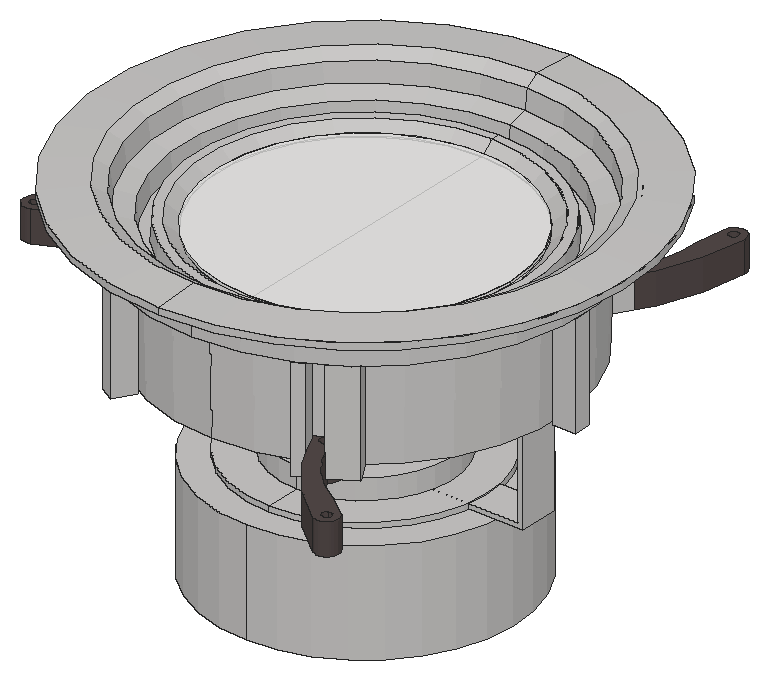
Revit family "CLighting-Luminii-Artemis_3_D", category Lighting Fixtures, host Face, Revit 2020
Family settings
  Host = Face
  Round Connector Dimension = Use Diameter
  Part Type = Normal
  OmniClass Number = 23.80.70.11.14.21
  OmniClass Title = Spots and Tracklight Specialties
  Cut with Voids When Loaded = No
  Light Source = Yes
  Shared = Yes
  Room Calculation Point = No
Parameters (values of type "Artemis 3")
  Width = 5.88"  # constant formula
  Wattage Comments = "9.1W"
  Wattage = 9.1 W
  Warranty URL = "https://www.luminii.com/terms-conditions/"
  built-in parameter 1150110 = 1 (stored number, unit not read)
  Voltage Comments = "120V | 277V | 347V"  # constant formula
  Voltage = 120 V
  Version = "2020 - v1.0a"  # constant formula
  URL = "https://www.luminii.com/"
  built-in parameter 1114217 = 1 (stored number, unit not read)
  Tilt Angle = -90.00°  # constant formula
  built-in parameter 1150109 = 1 (stored number, unit not read)
  built-in parameter 1150134 = (empty or 0)
  built-in parameter 1150113 = 1 (stored number, unit not read)
  Support Phone = "224-699-9545"  # constant formula
  Support Email = "mailto:support@bimsmith.com"
  Product Page URL = "https://www.luminii.com/product/artemis-3-d-fl/"
  Power Source Type = "Driver"  # constant formula
  Power Factor = 1
  Photometric Web File = "AR3D-XX-CT-660-2765-20-00.ies"
  Phase = 1
  Operating Temperature = "Consult Manufacturer Website for more Information"  # constant formula
  Number of Poles = if(and(or(Voltage = 120 V, Voltage = 277 V), Phase = 1), 1, if(and(or(Voltage = 208 V, Voltage = 240 V), Phase = 1), 2, if(and(or(Voltage = 208 V, Voltage = 240 V), Phase = 3), 3, if(and(Voltage > 300 V, Phase = 1), 2, if(and(Voltage > 400 V, Phase = 3), 3, 1)))))  # 1
  Mounting Method = "Recessed Ceiling Mount"  # constant formula
  Model = "AR3D"  # constant formula
  Manufacturer Phone Number = "403-216-7043"  # constant formula
  Manufacturer Email = "mailto: info@sensolighting.com"
  Manufacturer Address = "302 50 Ave SE. Calgary, Alberta, T2G 2A9 Canada"  # constant formula
  Manufacturer = "Luminii"  # constant formula
  built-in parameter 1150105 = 79.577 (stored number, unit not read)
  Lumens = 999.999 lm
  Luminaire Type = "Recessed LED Downlight"  # constant formula
  built-in parameter 1150115 = 1 (stored number, unit not read)
  Load Classification = Lighting
  built-in parameter 1150137 = (empty or 0)
  built-in parameter 1150139 = (empty or 0)
  Lens Material = Plastic - Luminii - Frosted Lens
  Length = 3.82"  # constant formula
  built-in parameter 1150112 = 1 (stored number, unit not read)
  built-in parameter 1150114 = 1 (stored number, unit not read)
  Lamp Life = 1
  Lamp = "LED"  # constant formula
  Keynote = "26 50 00"
  built-in parameter 1150132 = 2
  built-in parameter 1150102 = (empty or 0)
  built-in parameter 1150107 = 3500 (stored number, unit not read)
  Initial Color Comments = "Perfomance based on 3500K Photometric Web File"  # constant formula
  built-in parameter 1150138 = (empty or 0)
  built-in parameter 1150106 = 0.79577 (stored number, unit not read)
  Housing Protection Rating = "Consult Manufacturer Website for more Information"  # constant formula
  Has Dimming = 1 = 1  # yes
  Has Battery Backup = 0 = 1  # no
  Frequency Comments = ""  # constant formula
  Frequency = 60 Hz
  Finish = Metal - Luminii - Silver Anodized Aluminum
  Environment = "Indoor"  # constant formula
  built-in parameter 1150104 = 10.209 (stored number, unit not read)
  Dimming Type = "Consult Manufacturer Website for more Information"  # constant formula
  Dimming Lamp Color Temperature Shift = <None>
  Description = "3inch downlight"  # constant formula
  Depth = 5.88"  # constant formula
  Default Elevation = 0"  # constant formula
  Current Amps = 50 A
  Copyright = "©2023 Luminii"  # constant formula
  Control Zone = "Consult Manufacturer Website for more Information"  # constant formula
  Control Type = "Consult Manufacturer Website for more Information"  # constant formula
  Constraints = 1  # constant formula
  Color Filter = 16777215
  built-in parameter 1114216 [instance] = 0  # (empty or 0)
  built-in parameter 1140040 [instance] = 1 = 1  # 1
  CCT = "3500K"
  built-in parameter 1114218 = 1 (stored number, unit not read)
  built-in parameter 1150133 = 10 (stored number, unit not read)
  Assembly Code = "D5020230"
  Apparent Load = Wattage / Power Factor  # 9.1 VA
Reference planes (in)
  plane 1 "Center (Front/Back)": y = 0
  plane 2: z = 0
  plane 3 "Center (Left/Right)": x = 0
  plane 4: x = 0
  plane 5: x = 0
  plane 6: y = 2.94
  plane 7: y = -2.94
Forms (in)
  Extrusion 1, solid, material "Metal - Luminii - Silver Anodized Aluminum", not visible
    sketch origin (0, 0, 0) x (1, 0, 0) y (0, 1, 0)
      loop
        circle (0, 0) r 0.5
    from -3.88878 to -3.5
  Extrusion 2, void
    sketch origin (0, 1.24288, 2.36) x (0, 1, 0) y (-1, 0, 0)
      loop
        circle (-1.24288, 0) r 2.5
    from -6.24878 to -2.36
Dimensions and locks (in)
  equal spacing: plane 4, plane 3 "Center (Left/Right)", plane 5
  equal spacing: plane 6, plane 1 "Center (Front/Back)", plane 7
  plane 4 to plane 5 = 0"
  "Width": plane 6 to plane 7
  locked: plane 2 to imposter light at 0.3622
  locked: plane 2 to Extrusion 2 at 3.88878
  aligned and locked: plane 2 to host face
  aligned and locked: plane 3 "Center (Left/Right)" to Extrusion 1 sketch curve
  aligned and locked: plane 1 "Center (Front/Back)" to Extrusion 1 sketch curve
  aligned and locked: imposter light to plane 3 "Center (Left/Right)"
  aligned and locked: imposter light to plane 1 "Center (Front/Back)"
  aligned and locked: plane 3 "Center (Left/Right)" to nested 1
  aligned and locked: plane 1 "Center (Front/Back)" to nested 1
  aligned and locked: plane 3 "Center (Left/Right)" to Extrusion 2 sketch curve
  aligned and locked: plane 1 "Center (Front/Back)" to Extrusion 2 sketch curve
  aligned and locked: level to Extrusion 2
Automatic sketch dimensions
  host sketch curve to host sketch curve = 96"  (x2)
  radius of Extrusion 1 sketch curve = 1/2"
  radius of Extrusion 2 sketch curve = 2 1/2"
Nested families (in)
  nested 1: "Nested - Lamp" at (0, 0, 0), type "Nested - Lamp"
Connectors (in)
  electrical at (0, 0, -3.88878), driven by "Number of Poles", driven by "Load Classification", driven by "Voltage", driven by "Apparent Load", driven by "Power Factor"
    settings: on Extrusion 1, index 1, voltage 120 V, apparent load 9.1 VA, apparent load phase1 0 VA, apparent load phase2 0 VA, apparent load phase3 0 VA, power factor 1, load classification "Lighting", number of poles 1, system type 30, power factor state 1, is connector primary yes, connector utility no, sub classification motor no, connector description "Power Connection"
Definition of nested family "Nested - Lamp"
  Parameters (values of type "Nested - Lamp")
    Support Position = 1.3189"
    Screen Material = none
    Finish = none
    Default Elevation = 48"
    Constraint = 1
    20IN = Constraint = 4  # no
    16IN = Constraint = 3  # no
    12IN = Constraint = 2  # no
    10IN = Constraint = 1  # yes
  Reference planes (in)
    plane 1 "Center (Front/Back)": y = 0
    plane 2: z = 0
    plane 3 "Center (Left/Right)": x = 0
  Forms (in)
    Extrusion 1, solid
      sketch origin (0, 0, 0) x (1, 0, 0) y (0, 1, 0)
        loop
          line (-48, 48) -> (-48, -48) -> (48, -48) -> (48, 48) -> (-48, 48)
      from 0 to -12
    Revolve 2, solid, material <- "Finish"
      sketch origin (0, 0, -8.94014) x (0, 1, 0) y (0, 0, 1)
        loop
          line (0, 8.53857) -> (0, 6.23246) -> (1.38583, 6.23246) -> (1.38583, 6.29152) -> (0.98387, 6.29152) -> (0.98387, 6.52774) -> (0.61676, 6.52774)
          spline (0.61676, 6.52774) -> (0.73655, 6.72433) -> (0.84417, 6.92257) -> (0.94161, 7.11962) -> (1.03082, 7.31266) -> (1.11379, 7.49888) -> (1.19248, 7.67545) -> (1.26886, 7.83955) -> (1.34491, 7.98835) -> (1.42259, 8.11904) -> (1.50388, 8.22879) -> (1.59075, 8.31479) -> (1.68518, 8.3742)
          line (1.68518, 8.3742) -> (1.85039, 8.3742) -> (1.85039, 8.53857) -> (0, 8.53857)
        axis (0, 8.53857) -> (0, 6.23246)
      angle from 0 to 360
    Revolve 3, solid, material <- "Finish"
      sketch origin (0, 0, 0.09843) x (0, 1, 0) y (0, 0, 1)
        loop
          line (-2.0967, -1.69291) -> (-2.0967, -0.66437) -> (-1.85039, -0.66437) -> (-1.85039, -0.5) -> (-1.67252, -0.5) -> (-1.81328, -0.38189) -> (-1.91591, -0.38189) -> (-1.93313, -0.57874) -> (-2.05235, -0.57874) -> (-2.06847, -0.34824) -> (-2.28507, -0.2902) -> (-2.31184, -0.07216) -> (-2.4587, 0.01262) -> (-2.95268, -0.02192) -> (-2.95268, -0.09843) -> (-2.49914, -0.09843) -> (-2.48945, -0.52362) -> (-2.22923, -0.52362) -> (-2.20258, -1.69291) -> (-2.0967, -1.69291)
        axis (0, 0.01262) -> (0, -1.69291)
      angle from 0 to 360
    Extrusion 4, solid, material <- "Finish", detail levels medium+fine
      sketch origin (0, 0, 0.09843) x (1, 0, 0) y (0, 1, 0)
        loop
          arc (-2.47205, 0.29377) -> (-2.47892, 0.2287) -> (-2.48407, 0.16347) r 2.48945
          arc (-2.48407, 0.16347) -> (-2.35415, 0.15513) -> (-2.22483, 0.14009) r 2.51953
          arc (-2.22483, 0.14009) -> (-2.21864, 0.21706) -> (-2.20979, 0.29377) r 2.22923
          line (-2.20979, 0.29377) -> (-2.47205, 0.29377)
        loop
          arc (-1.32771, -2.10583) -> (-1.24472, -2.15592) -> (-1.15984, -2.20275) r 2.48945
          line (-1.15984, -2.20275) -> (-1.02963, -1.97721)
          arc (-1.02963, -1.97721) -> (-1.11462, -1.93057) -> (-1.1975, -1.88029) r 2.22923
          line (-1.1975, -1.88029) -> (-1.32771, -2.10583)
        loop
          arc (0.98161, -2.28774) -> (1.0414, -2.26116) -> (1.10047, -2.233) r 2.48945
          arc (1.10047, -2.233) -> (1.04273, -2.11632) -> (0.99109, -1.9968) r 2.51953
          arc (0.99109, -1.9968) -> (0.92134, -2.02993) -> (0.85048, -2.06062) r 2.22923
          line (0.85048, -2.06062) -> (0.98161, -2.28774)
        loop
          line (1.52202, -1.96997) -> (1.3906, -1.74233)
          arc (1.3906, -1.74233) -> (1.31148, -1.80263) -> (1.22976, -1.85935) r 2.22923
          arc (1.22976, -1.85935) -> (1.28851, -1.97622) -> (1.23116, -2.09379) r 0.14737
          arc (1.23116, -2.09379) -> (1.24277, -2.122) -> (1.25506, -2.14992) r 1.2511
          arc (1.25506, -2.14992) -> (1.39145, -2.06427) -> (1.52202, -1.96997) r 2.48945
        loop
          arc (2.48756, -0.09692) -> (2.48945, 0) -> (2.48756, 0.09692) r 2.48945
          line (2.48756, 0.09692) -> (2.22712, 0.09692)
          arc (2.22712, 0.09692) -> (2.22923, 0) -> (2.22712, -0.09692) r 2.22923
          line (2.22712, -0.09692) -> (2.48756, -0.09692)
        loop
          arc (1.49044, 1.99397) -> (1.43752, 2.03246) -> (1.3836, 2.06954) r 2.48945
          arc (1.3836, 2.06954) -> (1.31142, 1.96119) -> (1.23374, 1.85671) r 2.51953
          arc (1.23374, 1.85671) -> (1.2973, 1.81287) -> (1.35931, 1.76685) r 2.22923
          line (1.35931, 1.76685) -> (1.49044, 1.99397)
        loop
          arc (0.85048, 2.06062) -> (0.92351, 2.02894) -> (0.99536, 1.99467) r 2.22923
          arc (0.99536, 1.99467) -> (1.0672, 2.10399) -> (1.19769, 2.11311) r 0.14737
          arc (1.19769, 2.11311) -> (1.21632, 2.13727) -> (1.23436, 2.16187) r 1.2511
          arc (1.23436, 2.16187) -> (1.10977, 2.2284) -> (0.98161, 2.28774) r 2.48945
          line (0.98161, 2.28774) -> (0.85048, 2.06062)
        loop
          arc (-2.20979, -0.29377) -> (-2.21887, -0.21468) -> (-2.22512, -0.13533) r 2.22923
          arc (-2.22512, -0.13533) -> (-2.35571, -0.12777) -> (-2.42885, -0.01932) r 0.14737
          arc (-2.42885, -0.01932) -> (-2.45909, -0.01527) -> (-2.48942, -0.01195) r 1.2511
          arc (-2.48942, -0.01195) -> (-2.48473, -0.15311) -> (-2.47205, -0.29377) r 2.48945
          line (-2.47205, -0.29377) -> (-2.20979, -0.29377)
        loop
          arc (-1.15984, 2.20275) -> (-1.24472, 2.15592) -> (-1.32771, 2.10583) r 2.48945
          line (-1.32771, 2.10583) -> (-1.1975, 1.88029)
          arc (-1.1975, 1.88029) -> (-1.11462, 1.93057) -> (-1.02963, 1.97721) r 2.22923
          line (-1.02963, 1.97721) -> (-1.15984, 2.20275)
      from -1.69291 to -0.52362
    Extrusion 5, solid, material <- "Finish", detail levels medium+fine
      sketch origin (0, 0, 0.09843) x (1, 0, 0) y (0, 0, 1)
        loop
          line (-1.92783, -2.74705) -> (-1.92783, -0.99114) -> (-1.98689, -0.99114) -> (-1.98689, -2.8061) -> (1.98689, -2.8061) -> (1.98689, -0.99114) -> (1.92783, -0.99114) -> (1.92783, -2.74705) -> (-1.92783, -2.74705)
      from -0.22638 to 0.22638
    Extrusion 6, solid, material <- "Finish", detail levels medium+fine
      sketch origin (0, 0, 0.09843) x (1, 0, 0) y (0, 1, 0)
        loop
          circle (0, 0) r 1.7016
      from -3.98721 to -2.8061
    Extrusion 7, solid, detail levels medium+fine
      sketch origin (0, 0, 0.09843) x (1, 0, 0) y (0, 1, 0)
        loop
          circle (-2.28279, 0.0003) r 0.06846
        loop
          arc (-2.42885, -0.01932) -> (-2.18491, -0.10987) -> (-2.24612, 0.14304) r 0.14737
          arc (-2.24612, 0.14304) -> (-2.98305, 0.13293) -> (-3.68553, -0.09) r 2.51953
          arc (-3.68553, -0.09) -> (-3.74253, -0.25906) -> (-3.57756, -0.32702) r 0.13051
          line (-3.57756, -0.32702) -> (-3.28104, -0.20115)
          arc (-3.28104, -0.20115) -> (-2.87129, -0.03365) -> (-2.42885, -0.01932) r 1.2511
        loop
          circle (-3.62377, -0.20496) r 0.05302
        loop
          circle (1.14165, 1.97681) r 0.06846
        loop
          arc (1.19769, 2.11311) -> (0.9973, 1.94712) -> (1.24693, 1.87368) r 0.14737
          arc (1.24693, 1.87368) -> (1.60664, 2.51694) -> (1.76483, 3.23676) r 2.51953
          arc (1.76483, 3.23676) -> (1.64691, 3.37066) -> (1.50557, 3.26177) r 0.13051
          line (1.50557, 3.26177) -> (1.46632, 2.94204)
          arc (1.46632, 2.94204) -> (1.4065, 2.50343) -> (1.19769, 2.11311) r 1.2511
        loop
          circle (1.63438, 3.24075) r 0.05302
        loop
          circle (1.14114, -1.9771) r 0.06846
        loop
          arc (1.23116, -2.09379) -> (1.18761, -1.83725) -> (0.99919, -2.01672) r 0.14737
          arc (0.99919, -2.01672) -> (1.37641, -2.64986) -> (1.9207, -3.14677) r 2.51953
          arc (1.9207, -3.14677) -> (2.09562, -3.11159) -> (2.07198, -2.93475) r 0.13051
          line (2.07198, -2.93475) -> (1.81472, -2.74089)
          arc (1.81472, -2.74089) -> (1.46478, -2.46978) -> (1.23116, -2.09379) r 1.2511
        loop
          circle (1.98939, -3.03579) r 0.05302
      from -1.77165 to -1.41732
    Extrusion 8, solid, material <- "Screen Material"
      sketch origin (0, 0, -0.40157) x (-1, 0, 0) y (0, 1, 0)
        loop
          circle (0, 0) r 1.67252
      from 0 to -0.03937
  Lines and regions (in)
    reference lines
      curve 1: line (0, 5.14292, -1.3189) -> (0, -4.3059, -1.3189)
      curve 2: line (0, 4.35551, -1.67323) -> (0, -3.9122, -1.67323)
      curve 3: line (0, 3.85327, -0.4252) -> (0, -3.69299, -0.4252)
  Dimensions and locks (in)
    locked: curve 2 to curve 1 at 0.35433
    locked: plane 2 to curve 3 at 0.4252
    "Support Position": level to curve 1
    level to curve 3 = 0.4252"
    aligned and locked: plane 2 to Extrusion 1
    aligned and locked: level to Extrusion 1
    aligned and locked: Extrusion 7 to curve 1
    aligned and locked: curve 2 to Extrusion 7
  Automatic sketch dimensions
    Extrusion 1 sketch curve to Extrusion 1 sketch curve = 96"  (x2)
    Revolve 2 sketch curve to plane 1 "Center (Front/Back)" = 0"  (x2)
    Revolve 2 sketch curve to plane 1 "Center (Front/Back)" = 0.61676"
    Revolve 2 sketch curve to Revolve 2 sketch curve = 0.36711"
    Revolve 2 sketch curve to Revolve 2 sketch curve = 0.40196"
    Revolve 2 sketch curve to level = 0.56594"
    Revolve 2 sketch curve to plane 1 "Center (Front/Back)" = 1.68518"
    Revolve 2 sketch curve to Revolve 2 sketch curve = 0.16522"
    Revolve 2 sketch curve to Revolve 2 sketch curve = 1.84646"
    Revolve 2 sketch curve to Revolve 2 sketch curve = 0.23622"
    Revolve 2 sketch curve to Revolve 2 sketch curve = 0.05906"
    Revolve 2 sketch curve to level = 0.40157"
    Revolve 2 sketch curve to Revolve 2 sketch curve = 0.47327"
    level to Revolve 2 sketch curve = 0.55921"
    Revolve 3 sketch curve to level = 0"
    Revolve 3 sketch curve to plane 1 "Center (Front/Back)" = 0"
    Revolve 3 sketch curve to level = 0.40157"
    plane 1 "Center (Front/Back)" to Revolve 3 sketch curve = 1.67252"
    Revolve 3 sketch curve to level = 0.28346"
    Revolve 3 sketch curve to Revolve 3 sketch curve = 0.14076"
    Revolve 3 sketch curve to Revolve 3 sketch curve = 0.03712"
    Revolve 3 sketch curve to Revolve 3 sketch curve = 0.10263"
    Revolve 3 sketch curve to Revolve 3 sketch curve = 0.08274"
    Revolve 3 sketch curve to Revolve 3 sketch curve = 0.11922"
    Revolve 3 sketch curve to level = 0.24981"
    Revolve 3 sketch curve to Revolve 3 sketch curve = 0.15256"
    Revolve 3 sketch curve to Revolve 3 sketch curve = 0.2463"
    Revolve 3 sketch curve to Revolve 3 sketch curve = 0.10588"
    Revolve 3 sketch curve to level = 0.4252"
    Revolve 3 sketch curve to Revolve 3 sketch curve = 0.17688"
    Revolve 3 sketch curve to level = 0.19177"
    Revolve 3 sketch curve to Revolve 3 sketch curve = 0.2166"
    level to Revolve 3 sketch curve = 0.02626"
    Revolve 3 sketch curve to Revolve 3 sketch curve = 0.02677"
    level to Revolve 3 sketch curve = 0.11105"
    Revolve 3 sketch curve to Revolve 3 sketch curve = 0.14685"
    Revolve 3 sketch curve to Revolve 3 sketch curve = 0.26021"
    Revolve 3 sketch curve to Revolve 3 sketch curve = 0.04044"
    Revolve 3 sketch curve to Revolve 3 sketch curve = 0.45354"
    Revolve 3 sketch curve to Revolve 3 sketch curve = 0.07874"
    Revolve 3 sketch curve to Revolve 3 sketch curve = 0.08563"
    Revolve 3 sketch curve to Revolve 3 sketch curve = 1.02854"
    Revolve 3 sketch curve to Revolve 3 sketch curve = 0.07651"
    level to Revolve 3 sketch curve = 0.65154"
    Revolve 3 sketch curve to Revolve 3 sketch curve = 0.63736"
    Extrusion 4 sketch curve to Extrusion 4 sketch curve = 0"  (x307)
    plane 1 "Center (Front/Back)" to Extrusion 4 sketch curve = 0"
    Extrusion 4 sketch curve to plane 3 "Center (Left/Right)" = 0"
    Extrusion 4 sketch curve to plane 3 "Center (Left/Right)" = 0.74862"
    Extrusion 4 sketch curve to plane 3 "Center (Left/Right)" = 1.02963"  (x2)
    Extrusion 4 sketch curve to Extrusion 4 sketch curve = 0.13022"  (x2)
    Extrusion 4 sketch curve to Extrusion 4 sketch curve = 0.16787"  (x4)
    Extrusion 4 sketch curve to plane 1 "Center (Front/Back)" = 0.29377"
    Extrusion 4 sketch curve to Extrusion 4 sketch curve = 1.01229"
    plane 1 "Center (Front/Back)" to Extrusion 4 sketch curve = 0.29377"
    Extrusion 4 sketch curve to plane 1 "Center (Front/Back)" = 0.0003"
    Extrusion 4 sketch curve to Extrusion 4 sketch curve = 0.073"
    Extrusion 4 sketch curve to Extrusion 4 sketch curve = 0.26226"  (x2)
    Extrusion 4 sketch curve to Extrusion 4 sketch curve = 1.25269"
    Extrusion 4 sketch curve to Extrusion 4 sketch curve = 0.13817"
    plane 3 "Center (Left/Right)" to Extrusion 4 sketch curve = 0.21634"
    plane 3 "Center (Left/Right)" to Extrusion 4 sketch curve = 0.85048"  (x2)
    Extrusion 4 sketch curve to Extrusion 4 sketch curve = 0.13113"  (x3)
    Extrusion 4 sketch curve to Extrusion 4 sketch curve = 0.29066"
    Extrusion 4 sketch curve to Extrusion 4 sketch curve = 0.29117"
    Extrusion 4 sketch curve to Extrusion 4 sketch curve = 0.21765"
    Extrusion 4 sketch curve to Extrusion 4 sketch curve = 0.24946"
    Extrusion 4 sketch curve to Extrusion 4 sketch curve = 0.13143"
    plane 1 "Center (Front/Back)" to Extrusion 4 sketch curve = 0.09692"
    Extrusion 4 sketch curve to Extrusion 4 sketch curve = 0.83653"
    Extrusion 4 sketch curve to plane 1 "Center (Front/Back)" = 0.09692"
    Extrusion 4 sketch curve to Extrusion 4 sketch curve = 0.87186"
    Extrusion 4 sketch curve to Extrusion 4 sketch curve = 0.26043"
    Extrusion 4 sketch curve to Extrusion 4 sketch curve = 0.93513"
    plane 1 "Center (Front/Back)" to Extrusion 4 sketch curve = 1.05758"
    Extrusion 4 sketch curve to Extrusion 4 sketch curve = 0.96344"
    Extrusion 4 sketch curve to Extrusion 4 sketch curve = 0.57434"
    Extrusion 4 sketch curve to Extrusion 4 sketch curve = 0.11042"
    Extrusion 4 sketch curve to Extrusion 4 sketch curve = 0.62308"
    Extrusion 4 sketch curve to Extrusion 4 sketch curve = 0.22764"
    Extrusion 4 sketch curve to Extrusion 4 sketch curve = 0.23477"
    Extrusion 4 sketch curve to Extrusion 4 sketch curve = 0.08352"
    Extrusion 4 sketch curve to Extrusion 4 sketch curve = 0.22554"  (x2)
    Extrusion 4 sketch curve to Extrusion 4 sketch curve = 0.22713"  (x3)
    Extrusion 4 sketch curve to Extrusion 4 sketch curve = 1.09702"
    Extrusion 4 sketch curve to plane 1 "Center (Front/Back)" = 1.76685"
    Extrusion 4 sketch curve to plane 1 "Center (Front/Back)" = 1.88029"
    Extrusion 4 sketch curve to Extrusion 4 sketch curve = 0.20996"
    Extrusion 4 sketch curve to Extrusion 4 sketch curve = 0.08381"
    Extrusion 4 sketch curve to Extrusion 4 sketch curve = 0.60138"
    Extrusion 4 sketch curve to Extrusion 4 sketch curve = 0.52268"
    Extrusion 4 sketch curve to plane 1 "Center (Front/Back)" = 0.14009"
    plane 1 "Center (Front/Back)" to Extrusion 4 sketch curve = 0.13533"
    plane 1 "Center (Front/Back)" to Extrusion 4 sketch curve = 0.01932"
    Extrusion 4 sketch curve to Extrusion 4 sketch curve = 0.15005"
    Extrusion 4 sketch curve to Extrusion 4 sketch curve = 0.14629"
    Extrusion 4 sketch curve to Extrusion 4 sketch curve = 0.05604"
    Extrusion 4 sketch curve to Extrusion 4 sketch curve = 0.08862"
    Extrusion 4 sketch curve to Extrusion 4 sketch curve = 0.09002"
    Extrusion 4 sketch curve to Extrusion 4 sketch curve = 0.09208"
    Extrusion 5 sketch curve to level = 0.89272"  (x2)
    Extrusion 5 sketch curve to plane 3 "Center (Left/Right)" = 1.98689"
    Extrusion 5 sketch curve to Extrusion 5 sketch curve = 0.05906"  (x3)
    plane 3 "Center (Left/Right)" to Extrusion 5 sketch curve = 1.92783"
    Extrusion 5 sketch curve to Extrusion 5 sketch curve = 1.75591"
    plane 1 "Center (Front/Back)" to Extrusion 6 sketch curve = 0"
    Extrusion 6 sketch curve to plane 3 "Center (Left/Right)" = 0"
    Extrusion 7 sketch curve to Extrusion 7 sketch curve = 0"  (x12)
    plane 1 "Center (Front/Back)" to Extrusion 7 sketch curve = 0.20496"
    Extrusion 7 sketch curve to plane 3 "Center (Left/Right)" = 3.62377"
    plane 1 "Center (Front/Back)" to Extrusion 7 sketch curve = 0.32702"
    Extrusion 7 sketch curve to Extrusion 7 sketch curve = 0.04621"
    plane 1 "Center (Front/Back)" to Extrusion 7 sketch curve = 0.20115"
    Extrusion 7 sketch curve to Extrusion 7 sketch curve = 0.29652"
    Extrusion 7 sketch curve to Extrusion 7 sketch curve = 0.67082"
    Extrusion 7 sketch curve to Extrusion 7 sketch curve = 0.02982"
    Extrusion 7 sketch curve to plane 1 "Center (Front/Back)" = 0.0003"
    Extrusion 7 sketch curve to Extrusion 7 sketch curve = 0.99825"
    Extrusion 7 sketch curve to plane 3 "Center (Left/Right)" = 0.74862"
    plane 3 "Center (Left/Right)" to Extrusion 7 sketch curve = 0.21634"
    plane 3 "Center (Left/Right)" to Extrusion 7 sketch curve = 1.14114"
    plane 3 "Center (Left/Right)" to Extrusion 7 sketch curve = 1.14165"
    Extrusion 7 sketch curve to Extrusion 7 sketch curve = 0.32466"
    Extrusion 7 sketch curve to Extrusion 7 sketch curve = 0.03926"
    Extrusion 7 sketch curve to Extrusion 7 sketch curve = 0.12881"
    Extrusion 7 sketch curve to Extrusion 7 sketch curve = 0.67358"
    Extrusion 7 sketch curve to Extrusion 7 sketch curve = 0.17466"
    Extrusion 7 sketch curve to Extrusion 7 sketch curve = 0.0826"
    Extrusion 7 sketch curve to Extrusion 7 sketch curve = 0.57916"
    Extrusion 7 sketch curve to Extrusion 7 sketch curve = 0.93513"
    plane 1 "Center (Front/Back)" to Extrusion 7 sketch curve = 1.05758"
    Extrusion 7 sketch curve to Extrusion 7 sketch curve = 1.05606"
    Extrusion 7 sketch curve to Extrusion 7 sketch curve = 0.57434"
    Extrusion 7 sketch curve to Extrusion 7 sketch curve = 0.34519"
    Extrusion 7 sketch curve to Extrusion 7 sketch curve = 1.09702"
    Extrusion 7 sketch curve to Extrusion 7 sketch curve = 0.76378"
    Extrusion 7 sketch curve to Extrusion 7 sketch curve = 0.19386"
    Extrusion 7 sketch curve to Extrusion 7 sketch curve = 0.10104"
    Extrusion 7 sketch curve to plane 1 "Center (Front/Back)" = 1.97681"
    Extrusion 7 sketch curve to Extrusion 7 sketch curve = 0.91231"
    Extrusion 7 sketch curve to Extrusion 7 sketch curve = 0.96523"
    Extrusion 7 sketch curve to Extrusion 7 sketch curve = 0.29872"
    Extrusion 7 sketch curve to Extrusion 7 sketch curve = 0.02101"
    Extrusion 7 sketch curve to Extrusion 7 sketch curve = 0.52268"
    plane 1 "Center (Front/Back)" to Extrusion 7 sketch curve = 0.09"
    plane 1 "Center (Front/Back)" to Extrusion 7 sketch curve = 0.01932"
    Extrusion 7 sketch curve to Extrusion 7 sketch curve = 0.14195"
    Extrusion 7 sketch curve to Extrusion 7 sketch curve = 0.05604"
    Extrusion 7 sketch curve to Extrusion 7 sketch curve = 0.09002"
    Extrusion 7 sketch curve to Extrusion 7 sketch curve = 0.10528"
    plane 1 "Center (Front/Back)" to curve 1 = 4.3059"
    curve 1 to curve 2 = 0.3937"
    curve 1 to curve 3 = 0.61292"
    curve 3 to plane 1 "Center (Front/Back)" = 3.85327"
    curve 3 to curve 2 = 0.50225"
    curve 2 to curve 1 = 0.7874"
    radius of Extrusion 6 sketch curve = 1.7016"
    radius of Extrusion 7 sketch curve = 0.06846"  (x3)
    radius of Extrusion 7 sketch curve = 0.05302"  (x3)
    radius of Extrusion 8 sketch curve to Revolve 3 = 0"
